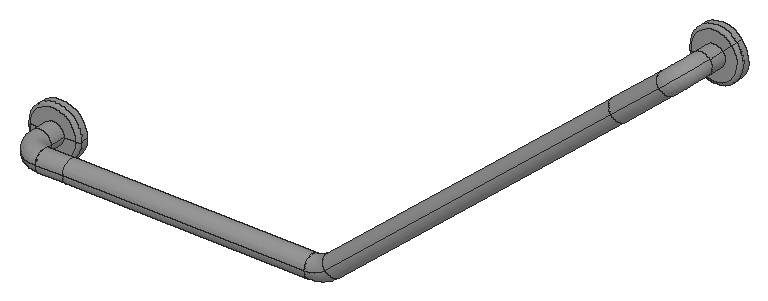
Revit family "rba-bim-rba4040-001", category Plumbing Fixtures, Revit 2016
Family settings
  Part Type = Normal
  Round Connector Dimension = Use Diameter
  Work Plane-Based = No
  Always vertical = Yes
  Cut with Voids When Loaded = No
  Shared = Yes
  Room Calculation Point = No
Parameters (values of type "RBA4040-001")
  Watermarked By = "www.rba.com.au"
  URL = "http://www.rba.com.au/accessible-disabled/grab-rails"
  Phone Number = "1300 788 778"
  OFFSET [instance] = 800 mm
  Modified Issue = "20190806.01"
  Model = "RBA4040-001"
  Materials and Finishes = Stainless Steel, Satin Finish
  Manufacturer = "RBA Group"
  Lgth = 900 mm
  Diameter = 32 mm
  Description = "40° Angled Grab Rail"
  Copyright by = "RBA Group"  # constant formula
Reference planes
  plane 1 "Center (Front/Back)": y = 0
  plane 2: z = 0
  plane 3 "Center (Left/Right)": x = 0
  plane 4: z = 800
  plane 5: x = -1002.228
  plane 6: x = -16
  plane 7: y = -87
  plane 8: y = -55
  plane 9: x = -552.228
  plane 10: through (-26.299, -1524, 1246.2) normal (0.7653, 0, 0.6437)
  plane 11: through (-562.003, -1524, 795.621) normal (0.7653, 0, 0.6437)
  plane 12: z = 768.004
  plane 13: through (-467.619, -1524, 834.116) normal (-0.6428, 0, 0.766)
  plane 14: z = 1233.955
Dimensions and locks
  "OFFSET": plane 4 to level
  locked: plane 4 to nested 1 at 15.996
  locked: nested 1 to plane 3 "Center (Left/Right)" at 0
  aligned and locked: level to plane 2
  aligned and locked: nested 1 to plane 1 "Center (Front/Back)"
Nested families
  nested 1: "rba-bim-rba4040-001" at (-459.765, 0, 784.004), type "RBA4040-001"
    with R_Void 15 mm, R 0 mm
Definition of nested family "rba-bim-rba4040-001"
  Parameters (values of type "RBA4040-001")
    Watermarked By = "www.rba.com.au"
    URL = "http://www.rba.com.au/accessible-disabled/grab-rails"
    R_Void [instance] = 15 mm
    R [instance] = 0 mm
    Model = "RBA4040-001"
    Manufacturer = "RBA Group"
    Description = "40° Angled Grab Rail"
    Bar = none
    Assembly Code = ""
  Reference planes
    plane 1 "Center (Front/Back)": y = 0
    plane 2: z = 0
    plane 3: through (443.765, -4572, 449.951) normal (0.6428, 0, -0.766)
    plane 4: x = -92.463
    plane 5: x = -542.463
    plane 6: z = 30
    plane 7: x = -514.963
    plane 8: x = -569.963
    plane 9: through (-92.463, -4572, 0) normal (0.766, 0, 0.6428)
    plane 10: through (443.768, -4572, 449.951) normal (0.766, 0, 0.6428)
    plane 11: x = 443.765
    plane 12: x = 471.265
    plane 13: x = 416.265
    plane 14: z = 449.951
  Forms (mm)
    Extrusion 1, solid
      sketch origin (-542.463, -2.628, 315.907) x (0, 0, -1) y (-1, 0, 0)
        loop
          circle (315.907, 0) r 37.5
      from -0.219 to 2.628
    Revolve 2, solid, material <- "Bar"
      sketch origin (-542.463, 18.663, 0) x (0, -1, 0) y (1, 0, 0)
        loop
          line (18.663, 0) -> (33.701, 0) -> (32.901, 34.117)
          arc (32.901, 34.117) -> (31.396, 37.577) -> (27.902, 39) r 5
          line (27.902, 39) -> (18.663, 39) -> (18.663, 0)
        axis (18.663, 0) -> (33.701, 0)
      angle from 0 to 360
    Sweep 3, solid, material <- "Bar"
      path origin (-542.463, 11.454, 0) x (0, -1, 0) y (1, 0, 0)
        loop
          line (14.302, 0) -> (50.454, 0)
          arc (50.454, 0) -> (73.082, 9.373) -> (82.454, 32) r 32
          line (82.454, 32) -> (82.454, 76)
      profile origin (-542.463, -20.924, 0) x (1, 0, 0) y (0, 0, 1)
        loop
          circle (0, 0) r 16
    Extrusion 4, solid
      sketch origin (647.393, -2.628, 208.429) x (-0.64458, 0, 0.764537) y (0.764537, 0, 0.64458)
        loop
          circle (315.907, 0) r 37.5
      from -0.219 to 2.628
    Revolve 5, solid, material <- "Bar"
      sketch origin (443.765, 18.663, 449.951) x (0, -1, 0) y (-0.764537, 0, -0.64458)
        loop
          line (18.663, 0) -> (33.701, 0) -> (32.901, 34.117)
          arc (32.901, 34.117) -> (31.396, 37.577) -> (27.902, 39) r 5
          line (27.902, 39) -> (18.663, 39) -> (18.663, 0)
        axis (18.663, 0) -> (33.701, 0)
      angle from 0 to 360
    Extrusion 6, void
      sketch origin (-542.463, 34.941, 315.907) x (0, 0, -1) y (-1, 0, 0)
        loop
          circle (315.907, -27.5) r 5
        loop
          circle (315.907, 27.5) r 5
      from -37.788 to -30
    Extrusion 7, void
      sketch origin (458.56, 34.941, 765.666) x (-0.034899, 0, -0.999391) y (-0.999391, 0, 0.034899)
        loop
          circle (315.079, -23.716) r 5
        loop
          circle (316.998, 31.251) r 5
      from -37.788 to -30
    Sweep 8, solid, material <- "Bar"
      path origin (-1042.245, 2, 0) x (1, 0, 0) y (0, 0, 1)
        loop
          line (572.012, 0) -> (932.309, 0)
          arc (932.309, 0) -> (948.726, 2.895) -> (963.163, 11.23) r 48
          line (963.163, 11.23) -> (1389.388, 368.875)
      profile origin (-290.085, 2, 0) x (0, 0, 1) y (0, -1, 0)
        loop
          circle (0, 73) r 16
    Sweep 9, solid, material <- "Bar"
      path origin (443.765, 11.454, 449.951) x (0, -1, 0) y (-0.766044, 0, -0.642788)
        loop
          line (14.302, 0) -> (50.454, 0)
          arc (50.454, 0) -> (73.082, 9.373) -> (82.454, 32) r 32
          line (82.454, 32) -> (82.454, 126.132)
      profile origin (443.765, -20.924, 449.951) x (-0.766044, 0, -0.642788) y (0.642788, 0, -0.766044)
        loop
          circle (0, 0) r 16
  Cuts and joins
    Extrusion 6, Extrusion 7 cuts Extrusion 1
    Extrusion 7 cuts Extrusion 4
    Extrusion 6, Extrusion 7 cuts Revolve 2
    Extrusion 7 cuts Revolve 5
    joined: Revolve 2, Sweep 3, Revolve 5, Sweep 8, Sweep 9
  Text (mm)
    text "Centre radius of bend is 48" at (-522.82, 0, 261.018), in view "Front"
  Dimensions and locks
    Revolve 2 sketch curve to Revolve 2 sketch curve = 39 mm
    Revolve 5 sketch curve to Revolve 5 sketch curve = 39 mm
    plane 4 to plane 5 = 450 mm
    plane 8 to plane 7 = 55 mm
    plane 10 to plane 9 = 700 mm
    radius of Extrusion 1 sketch curve = 37.5 mm
    radius of Sweep 3 sketch curve = 16 mm
    radius of Extrusion 4 sketch curve = 37.5 mm
    radius of Sweep 9 sketch curve = 16 mm
    angle level to plane 3 = 40.00°
    aligned and locked: Revolve 2 to Extrusion 1
    aligned and locked: Revolve 5 to Extrusion 4
  Nested families
    nested 1: "FamilyID" at (-581.463, 0, 0), type "FamilyID"
  Definition of nested family "FamilyID"
    Reference planes
      plane 1: y = 0
      plane 2: x = 0
    Text (mm)
      text "RBA COPYRIGHT" at (0.001, 0.001, 0)
